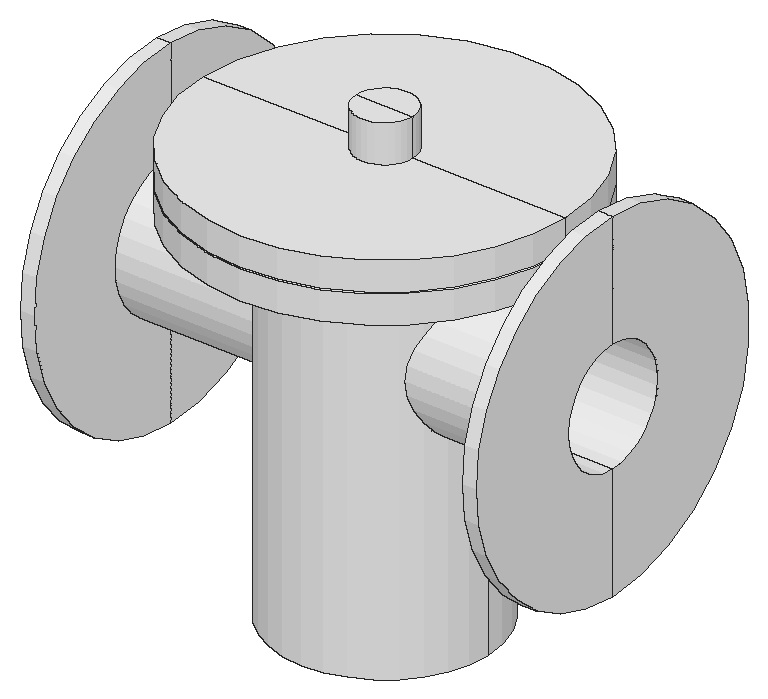
Revit family "Basket_Strainers-Backflow_Preventor-WATTS-97FB-CSSIB", category Pipe Accessories, Revit 2014
Parameters (values of type "97FB-CSSIB 2"")
  Weight = "22/9.9 (lbs/kgs)"
  Warranty Information = "1 Year Limited Warranty"  # constant formula
  URL = "http://www.watts.com/default.asp"
  Strainer Housing = 1 3/8"
  Masking Region Width = Connection Size + 1/2"  # 2 1/2"
  E Radius = E / 2  # 1/2"
  E = 1"
  Region = "North America"  # constant formula
  Product Page URL = "http://www.watts.com/pages/_products_details.asp?pid=838"
  Product Documentation Link = "http://media.wattswater.com/ES-97FB-CSSIB.pdf"
  Price = "Prices may vary. Please consult Manufacturer Representative for most up-to-date price list."  # constant formula
  Model = "97FB-CSSIB"  # constant formula
  Max. Working Pressure = "200psi (13.8 bar) at 150°F (66°C) WOG 125psi (8.6 bar) at 353°F (178°C) WSP"  # constant formula
  Material = "Cast_Iron-Watts-316 Stainless Steel"
  Manufacturer Product Line = "Strainers"  # constant formula
  Manufacturer = "WATTS"  # constant formula
  Finish = Cast_Iron-Watts-316 Stainless Steel
  Description = "Series 97FB-CSSIB 316 Stainless Steel Flanged Basket Strainers feature an angle-designed basket, cast 316 stainless steel body with flanged connections, stainless steel screen, bolted retainer cap and stainless steel blow-off plug. Maximum Pressure (non-shock): 275psi (19.0 bar) WOG."  # constant formula
  Default Elevation = 0"
  Creation Date = "7/19/18"  # constant formula
  Cover Height = 1/2"
  Country = "United States"  # constant formula
  Connection Type = "Flanged connections Class 150"  # constant formula
  Connection Size = 2"
  Connection Radius = Connection Size / 2  # 1"
  Connection Outlet Description = "2\" Flanged Outlet"
  Connection Inlet Description = "2\" Flanged Inlet"
  C = 5"
  B = 8 3/8"
  Assembly Code = "D2090600"
  A = 8 1/8"
  "A" Radius = 3 3/8"
Types (6): name | Weight | Strainer Housing | Masking Region Width | E Radius | E | Cover Height | Connection Size | Connection Radius | Connection Outlet Description | Connection Inlet Description | C | B | A | "A" Radius
  (no name) | "22/9.9 (lbs/kgs)" | 1 3/8" | 2 1/2" | 1/2" | 1" | 1/2" | 2" | 1" | "2\" Flanged Outlet" | "2\" Flanged Inlet" | 5" | 8 3/8" | 8 1/8" | 3 3/8"
  97FB-CSSIB 2" | "22/9.9 (lbs/kgs)" | 1 3/8" | 2 1/2" | 1/2" | 1" | 1/2" | 2" | 1" | "2\" Flanged Outlet" | "2\" Flanged Inlet" | 5" | 8 3/8" | 8 1/8" | 3 3/8"
  97FB-CSSIB 2 1/2" | "31/14 (lbs/kgs)" | 111/128" | 3" | 1/2" | 1" | 1/2" | 2 1/2" | 1 1/4" | "2 1/2\" Flanged Outlet" | "2 1/2\" Flanged Inlet" | 5 5/16" | 9 5/8" | 8 1/4" | 4"
  97FB-CSSIB 3" | "42/19 (lbs/kgs)" | 1.15519" | 3 1/2" | 1/2" | 1" | 3/4" | 3" | 1 1/2" | "3\" Flanged Outlet" | "3\" Flanged Inlet" | 6 1/2" | 11 1/4" | 9 7/8" | 4 3/4"
  97FB-CSSIB 4" | "70/31.7 (lbs/kgs)" | 1" | 4 1/2" | 1/2" | 1" | 3/4" | 4" | 2" | "4\" Flanged Outlet" | "4\" Flanged Inlet" | 8" | 13 1/2" | 11 1/2" | 5 3/4"
  97FB-CSSIB 6" | "124/56.2 (lbs/kgs)" | 1" | 6 1/2" | 5/8" | 1 1/4" | 1 1/8" | 6" | 3" | "6\" Flanged Outlet" | "6\" Flanged Inlet" | 8 5/8" | 15 5/8" | 14 7/8" | 7 1/2"
Reference planes (in)
  plane 1 "Center (Front/Back)": y = 0
  plane 2: z = 0
  plane 3 "Center (Left/Right)": x = 0
  plane 4: x = -4.0625
  plane 5: x = 4.0625
  plane 6: z = 3.375
  plane 7: z = -5
  plane 8: z = -1
  plane 9: z = 1
  plane 10: x = -3.21729
  plane 11: x = -1.84229
  plane 12: z = -3.69392
  plane 13: z = 5.51211
  plane 14: x = 5.5365
  plane 15: x = -5.58144
  plane 16: y = 3.375
  plane 17: y = -3.375
Forms (in)
  Revolve 1, solid, material "Cast_Iron-Watts-316 Stainless Steel" <- "Finish", detail levels fine
    sketch origin (0, 0, 0) x (1, 0, 0) y (0, 0, 1)
      loop
        line (-1.84229, 1.67719) -> (-1.84229, -4.75) -> (-0.5, -4.75) -> (-0.5, -5) -> (0, -5) -> (0, 3.375) -> (-0.5, 3.375) -> (-0.5, 2.70827) -> (-3.21729, 2.70827) -> (-3.21729, 2.20827) -> (-3.1549, 2.20827) -> (-3.1549, 2.17719) -> (-3.21729, 2.17719) -> (-3.21729, 1.67719) -> (-1.84229, 1.67719)
      axis (0, 3.375) -> (0, -5)
    angle from 0 to 360
  Revolve 2, solid, material "Cast_Iron-Watts-316 Stainless Steel" <- "Finish", detail levels fine
    sketch origin (0, 0, 0) x (1, 0, 0) y (0, 0, 1)
      loop
        line (-4.0625, 1) -> (4.0625, 1) -> (4.0625, 3.03108) -> (3.8125, 3.03108) -> (3.8125, 1.25) -> (-3.8125, 1.25) -> (-3.8125, 3.03108) -> (-4.0625, 3.03108) -> (-4.0625, 1)
      axis (4.0625, 0) -> (-4.0625, 0)
    angle from 0 to 360
  Extrusion 3, void
    sketch origin (10, 0, 0) x (0, -1, 0) y (0, 0, 1)
      loop
        circle (0, 0) r 1
    from 4.4635 to 15.58144
  Extrusion 4, solid, not visible
    sketch origin (0, 0, 0) x (0, 1, 0) y (0, 0, 1)
      loop
        circle (0, 0) r 0.5
    from -4.0625 to 4.0625
Cuts and joins
  Extrusion 3 cuts Revolve 1
  Extrusion 3 cuts Revolve 2
Lines and regions (in)
  Masking region 1, detail levels fine
    outline origin (-3.75, 0, 2.22654) x (-1, 0, 0) y (0, -1, 0)
      loop
        line (0.0625, -3.375) -> (0.3125, -3.375) -> (0.3125, 3.375) -> (0.0625, 3.375) -> (0.0625, 1.25) -> (-0.78547, 1.25)
        arc (-0.78547, 1.25) -> (-3.75, 3.21729) -> (-6.71453, 1.25) r 3.21729
        line (-6.71453, 1.25) -> (-7.5625, 1.25) -> (-7.5625, 3.375) -> (-7.8125, 3.375) -> (-7.8125, -3.375) -> (-7.5625, -3.375) -> (-7.5625, -1.25) -> (-6.71453, -1.25)
        arc (-6.71453, -1.25) -> (-3.75, -3.21729) -> (-0.78547, -1.25) r 3.21729
        line (-0.78547, -1.25) -> (0.0625, -1.25) -> (0.0625, -3.375)
  model lines, style "PipeAccessory", detail levels coarse+medium
    curve 1: line (-2.75, 0, 0) -> (-4.0625, 0, 0)
    curve 2: line (2.75, 0.00068, 0) -> (4.0625, 0.00068, 0)
  symbolic lines, detail levels fine
    curve 3: circle (0, 0, 2.22654) r 0.5 normal (0, 0, -1)
    curve 4: line (-3.8125, 1.25, 2.22654) -> (-3.8125, -1.25, 2.22654)
    curve 5: line (3.8125, 1.25, 2.22654) -> (3.8125, -1.25, 2.22654)
    curve 6: arc (-2.96453, -1.25, 2.22654) -> (-3.21729, 0, 2.22654) -> (-2.96453, 1.25, 2.22654) r 3.21729
    curve 7: arc (2.96453, 1.25, 2.22654) -> (3.21729, 0, 2.22654) -> (2.96453, -1.25, 2.22654) r 3.21729
Dimensions and locks (in)
  equal spacing: plane 5, plane 3 "Center (Left/Right)", plane 4
  "A": plane 5 to plane 4
  "C": plane 2 to plane 7
  "B": plane 6 to plane 7
  equal spacing: plane 9, plane 2, plane 8
  "Connection Size": plane 9 to plane 8
  "E Radius": Revolve 1 sketch curve to Revolve 1 sketch curve
  locked: plane 10 to plane 4 at 0.84521
  locked: Revolve 2 sketch curve to Revolve 2 sketch curve at 0.25  (x3)
  locked: plane 6 to Revolve 2 sketch curve at 0.34392  (x2)
  locked: Revolve 1 sketch curve to Revolve 1 sketch curve at 0.03108
  plane 6 to cut or joined group of Revolve 1, Extrusion 3 = 0.66673"
  locked: plane 6 to Revolve 1 sketch curve at 0.66673
  "Strainer Housing": plane 10 to plane 11
  "Cover Height": Revolve 1 sketch curve to Revolve 1 sketch curve  (x2)
  locked: Revolve 1 sketch curve to Revolve 1 sketch curve at 0.5
  locked: plane 8 to plane 12 at 2.69392
  locked: Revolve 1 sketch curve to plane 7 at 0.25
  locked: plane 13 to plane 6 at 2.13711
  locked: plane 4 to plane 15 at 1.51894
  locked: plane 14 to plane 5 at 1.474
  "Masking Region Width": Masking region 1 sketch curve to Masking region 1 sketch curve  (x2)
  equal spacing: Masking region 1 sketch curve, plane 1 "Center (Front/Back)", Masking region 1 sketch curve  (x2)
  equal spacing: plane 16, plane 1 "Center (Front/Back)", plane 17
  ""A" Radius": plane 17 to plane 1 "Center (Front/Back)"
  aligned and locked: nested 1 to plane 3 "Center (Left/Right)"
  aligned and locked: nested 1 to plane 1 "Center (Front/Back)"
  aligned and locked: Revolve 1 sketch curve to plane 3 "Center (Left/Right)"  (x2)
  aligned and locked: plane 6 to Revolve 1 sketch curve
  aligned and locked: plane 10 to Revolve 1 sketch curve
  aligned and locked: Revolve 1 sketch curve to plane 10
  aligned and locked: plane 11 to Revolve 1 sketch curve
  aligned and locked: Revolve 2 sketch curve to plane 9
  aligned and locked: plane 4 to Revolve 2 sketch curve
  aligned and locked: plane 5 to Revolve 2 sketch curve
  aligned and locked: Extrusion 3 sketch curve to cut or joined group of Revolve 2, Extrusion 3
  aligned and locked: plane 14 to Extrusion 3
  aligned and locked: Extrusion 3 to plane 15
  aligned and locked: Masking region 1 sketch curve to cut or joined group of Revolve 2, Extrusion 3  (x4)
  aligned and locked: plane 16 to Masking region 1  (x2)
  aligned and locked: Masking region 1 to plane 17  (x2)
  aligned and locked: cut or joined group of Revolve 2, Extrusion 3 to Masking region 1 sketch curve
  aligned and locked: curve 3 to cut or joined group of Revolve 1, Extrusion 3
  aligned and locked: nested 1 to curve 1
  aligned and locked: plane 4 to curve 1
  aligned and locked: nested 1 to curve 2
  aligned and locked: plane 5 to curve 2
  aligned and locked: cut or joined group of Revolve 2, Extrusion 3 to curve 4
  aligned and locked: cut or joined group of Revolve 2, Extrusion 3 to curve 5
  aligned and locked: Masking region 1 to curve 4
  aligned and locked: curve 4 to Masking region 1
  aligned and locked: Masking region 1 to curve 5
  aligned and locked: curve 5 to Masking region 1
  aligned and locked: Extrusion 4 to curve 2
  aligned and locked: Extrusion 4 to curve 1
  aligned and locked: Masking region 1 sketch curve to cut or joined group of Revolve 1, Extrusion 3  (x2)
  aligned and locked: curve 6 to cut or joined group of Revolve 1, Extrusion 3
  aligned and locked: curve 6 to Masking region 1
  aligned and locked: Masking region 1 to curve 6
  aligned and locked: curve 7 to cut or joined group of Revolve 1, Extrusion 3
  aligned and locked: Masking region 1 to curve 7
  aligned and locked: curve 7 to Masking region 1
Automatic sketch dimensions
  plane 1 "Center (Front/Back)" to curve 1 = 0"
  curve 2 to plane 1 "Center (Front/Back)" = 0.00068"
  Revolve 2 sketch curve to level = 0"
  Revolve 2 sketch curve to plane 4 = 2 1/2"
  Revolve 2 sketch curve to Revolve 2 sketch curve = 1"
  Extrusion 4 sketch curve to level = 0"
  Extrusion 4 sketch curve to plane 1 "Center (Front/Back)" = 0"
  curve 5 to plane 5 = 1/4"
  plane 4 to curve 4 = 1/4"
  Revolve 1 sketch curve to plane 7 = 0"
  Revolve 1 sketch curve to plane 10 = 0.06239"
  Revolve 1 sketch curve to plane 7 = 1 1/4"
  Revolve 1 sketch curve to Revolve 1 sketch curve = 1/2"
  Masking region 1 sketch curve to plane 17 = 0"  (x2)
  Masking region 1 sketch curve to plane 16 = 0"  (x2)
  plane 4 to Masking region 1 sketch curve = 1/4"
  radius of Extrusion 4 sketch curve = 1/2"
Nested families (in)
  nested 1: "757 Top Symbology" at (0, 0, 0) x (-1, 0, 0) z (0, 0, 1), type "757 Symbology", detail levels coarse+medium
Connectors (in)
  piping at (4.0625, 0, 0), diameter 2, driven by "Connection Size", driven by "Connection Outlet Description"
    settings: on Extrusion 4, index 1, connector inside diameter 24", connector length 0", flow factor 0, pipe flow 0 GPM, pressure drop 0.00 psi, fitting loss kfactor 0, connector angle 0.00°, fixture units 0, engagement length 0", angle of deflection 0.00°, flow configuration 0, flow direction 2, fitting loss method 0, system type 29, joint type 0, gender type 0, connector reference index -1, connector utility 0, adjustable connector no, is connector primary yes, connector description "2\" Flanged Outlet"
  piping at (-4.0625, 0, 0), diameter 2, driven by "Connection Size", driven by "Connection Inlet Description"
    settings: on Extrusion 4, index 2, connector inside diameter 24", connector length 0", flow factor 0, pipe flow 0 GPM, pressure drop 0.00 psi, fitting loss kfactor 0, connector angle 0.00°, fixture units 0, engagement length 0", angle of deflection 0.00°, flow configuration 0, flow direction 1, fitting loss method 0, system type 29, joint type 0, gender type 0, connector reference index -1, connector utility 0, adjustable connector no, is connector primary no, connector description "2\" Flanged Inlet"
Definition of nested family "757 Top Symbology"
  Reference planes (in)
    plane 1 "Center (Front/Back)": y = 0
    plane 2: z = 0
    plane 3 "Center (Left/Right)": x = 0
    plane 4: x = -2.75
    plane 5: x = 2.75
    plane 6: y = 0.37541
    plane 7: y = -0.37541
  Lines and regions (in)
    model lines
      curve 1: line (-2.75, 0.37541, 0) -> (-2.75, -0.37541, 0)
      curve 2: line (-1, 0.37541, 0) -> (-1, -0.37541, 0)
      curve 3: line (-1, 0.37541, 0) -> (0, -0.37541, 0)
      curve 4: line (0, -0.37541, 0) -> (0, 0.37541, 0)
      curve 5: line (-1, 0.37541, 0) -> (-2.75, -0.37541, 0)
      curve 6: line (-2.75, 0.37541, 0) -> (-1, -0.37541, 0)
      curve 7: line (-1.87499, 0, 0) -> (-1.87499, 0.986, 0)
      curve 8: line (-1.87499, 0.986, 0) -> (-1.5405, 0.986, 0)
      curve 9: line (1, 0.37541, 0) -> (1, -0.37541, 0)
      curve 10: line (2.75, 0.37541, 0) -> (2.75, -0.37541, 0)
      curve 11: line (2.75, 0.37541, 0) -> (1, -0.37541, 0)
      curve 12: line (1, 0.37541, 0) -> (2.75, -0.37541, 0)
      curve 13: line (1.87478, -0.00009, 0) -> (1.87478, 0.986, 0)
      curve 14: line (1.5392, 0.986, 0) -> (1.87478, 0.986, 0)
      curve 15: line (0, 0.37541, 0) -> (1, -0.37541, 0)
  Dimensions and locks (in)
    plane 4 to plane 5 = 5 1/2"
    equal spacing: plane 4, plane 3 "Center (Left/Right)", plane 5
    equal spacing: plane 7, plane 1 "Center (Front/Back)", plane 6
    aligned and locked: plane 2 to level
    aligned and locked: curve 1 to plane 4
    aligned and locked: plane 5 to curve 10
    aligned and locked: plane 3 "Center (Left/Right)" to curve 4
  Automatic sketch dimensions
    curve 5 to plane 6 = 0"
    plane 7 to curve 2 = 0"
    plane 7 to curve 15 = 0"
    plane 7 to curve 1 = 0"
    plane 7 to curve 10 = 0"
    plane 7 to curve 3 = 0"
    curve 15 to plane 6 = 0"
    curve 1 to plane 6 = 0"
    curve 9 to plane 6 = 0"
    curve 10 to plane 6 = 0"
    plane 4 to curve 7 = 7/8"
    curve 7 to curve 5 = 7/8"
    plane 5 to curve 13 = 0.87522"
    plane 6 to curve 13 = 0.61059"
    plane 6 to curve 7 = 0.61059"
    curve 7 to curve 8 = 0.3345"
    curve 14 to curve 13 = 0.33559"
    curve 9 to curve 13 = 0.87478"
